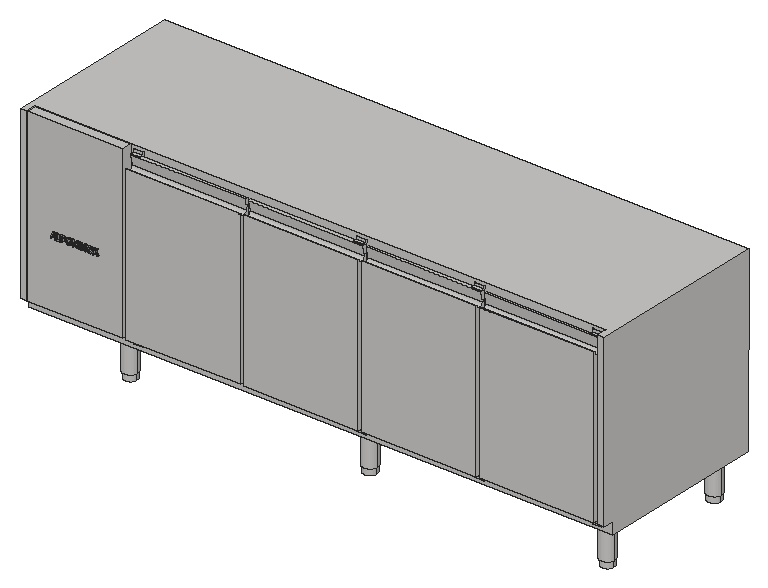
Revit family "QF_ALPENINOX_712060_AH4H7AAAA", category Specialty Equipment, Revit 2018 (continued)
Definition of nested family "ALP_Cooling Unit"
  Lines and regions (mm)
    Split face 131
      outline origin (55.016, 2, -293.144) x (0, 0, 1) y (-1, 0, 0)
        loop
          arc (510.649, 158.547) -> (506.648, 162.548) -> (502.647, 158.547) r 4.001
          line (502.647, 158.547) -> (502.647, 116.535)
          arc (502.647, 116.535) -> (506.648, 112.533) -> (510.649, 116.535) r 4.001
          line (510.649, 116.535) -> (510.649, 158.547)
    Split face 132
      outline origin (110.032, 2, -113.091) x (0, 0, 1) y (-1, 0, 0)
        loop
          arc (510.649, 158.547) -> (506.648, 162.548) -> (502.647, 158.547) r 4.001
          line (502.647, 158.547) -> (502.647, 116.535)
          arc (502.647, 116.535) -> (506.648, 112.533) -> (510.649, 116.535) r 4.001
          line (510.649, 116.535) -> (510.649, 158.547)
    Split face 133
      outline origin (110.032, 2, -125.094) x (0, 0, 1) y (-1, 0, 0)
        loop
          arc (510.649, 158.547) -> (506.648, 162.548) -> (502.647, 158.547) r 4.001
          line (502.647, 158.547) -> (502.647, 116.535)
          arc (502.647, 116.535) -> (506.648, 112.533) -> (510.649, 116.535) r 4.001
          line (510.649, 116.535) -> (510.649, 158.547)
    Split face 134
      outline origin (110.032, 2, -137.098) x (0, 0, 1) y (-1, 0, 0)
        loop
          arc (510.649, 158.547) -> (506.648, 162.548) -> (502.647, 158.547) r 4.001
          line (502.647, 158.547) -> (502.647, 116.535)
          arc (502.647, 116.535) -> (506.648, 112.533) -> (510.649, 116.535) r 4.001
          line (510.649, 116.535) -> (510.649, 158.547)
    Split face 135
      outline origin (110.032, 2, -149.101) x (0, 0, 1) y (-1, 0, 0)
        loop
          arc (510.649, 158.547) -> (506.648, 162.548) -> (502.647, 158.547) r 4.001
          line (502.647, 158.547) -> (502.647, 116.535)
          arc (502.647, 116.535) -> (506.648, 112.533) -> (510.649, 116.535) r 4.001
          line (510.649, 116.535) -> (510.649, 158.547)
    Split face 136
      outline origin (110.032, 2, -161.105) x (0, 0, 1) y (-1, 0, 0)
        loop
          arc (510.649, 158.547) -> (506.648, 162.548) -> (502.647, 158.547) r 4.001
          line (502.647, 158.547) -> (502.647, 116.535)
          arc (502.647, 116.535) -> (506.648, 112.533) -> (510.649, 116.535) r 4.001
          line (510.649, 116.535) -> (510.649, 158.547)
    Split face 137
      outline origin (110.032, 2, -173.108) x (0, 0, 1) y (-1, 0, 0)
        loop
          arc (510.649, 158.547) -> (506.648, 162.548) -> (502.647, 158.547) r 4.001
          line (502.647, 158.547) -> (502.647, 116.535)
          arc (502.647, 116.535) -> (506.648, 112.533) -> (510.649, 116.535) r 4.001
          line (510.649, 116.535) -> (510.649, 158.547)
    Split face 138
      outline origin (110.032, 2, -185.112) x (0, 0, 1) y (-1, 0, 0)
        loop
          arc (510.649, 158.547) -> (506.648, 162.548) -> (502.647, 158.547) r 4.001
          line (502.647, 158.547) -> (502.647, 116.535)
          arc (502.647, 116.535) -> (506.648, 112.533) -> (510.649, 116.535) r 4.001
          line (510.649, 116.535) -> (510.649, 158.547)
    Split face 139
      outline origin (110.032, 2, -197.115) x (0, 0, 1) y (-1, 0, 0)
        loop
          arc (510.649, 158.547) -> (506.648, 162.548) -> (502.647, 158.547) r 4.001
          line (502.647, 158.547) -> (502.647, 116.535)
          arc (502.647, 116.535) -> (506.648, 112.533) -> (510.649, 116.535) r 4.001
          line (510.649, 116.535) -> (510.649, 158.547)
    Split face 140
      outline origin (110.032, 2, -209.119) x (0, 0, 1) y (-1, 0, 0)
        loop
          arc (510.649, 158.547) -> (506.648, 162.548) -> (502.647, 158.547) r 4.001
          line (502.647, 158.547) -> (502.647, 116.535)
          arc (502.647, 116.535) -> (506.648, 112.533) -> (510.649, 116.535) r 4.001
          line (510.649, 116.535) -> (510.649, 158.547)
    Split face 141
      outline origin (110.032, 2, -221.122) x (0, 0, 1) y (-1, 0, 0)
        loop
          arc (510.649, 158.547) -> (506.648, 162.548) -> (502.647, 158.547) r 4.001
          line (502.647, 158.547) -> (502.647, 116.535)
          arc (502.647, 116.535) -> (506.648, 112.533) -> (510.649, 116.535) r 4.001
          line (510.649, 116.535) -> (510.649, 158.547)
    Split face 142
      outline origin (110.032, 2, -233.126) x (0, 0, 1) y (-1, 0, 0)
        loop
          arc (510.649, 158.547) -> (506.648, 162.548) -> (502.647, 158.547) r 4.001
          line (502.647, 158.547) -> (502.647, 116.535)
          arc (502.647, 116.535) -> (506.648, 112.533) -> (510.649, 116.535) r 4.001
          line (510.649, 116.535) -> (510.649, 158.547)
    Split face 143
      outline origin (110.032, 2, -245.129) x (0, 0, 1) y (-1, 0, 0)
        loop
          arc (510.649, 158.547) -> (506.648, 162.548) -> (502.647, 158.547) r 4.001
          line (502.647, 158.547) -> (502.647, 116.535)
          arc (502.647, 116.535) -> (506.648, 112.533) -> (510.649, 116.535) r 4.001
          line (510.649, 116.535) -> (510.649, 158.547)
    Split face 144
      outline origin (110.032, 2, -257.133) x (0, 0, 1) y (-1, 0, 0)
        loop
          arc (510.649, 158.547) -> (506.648, 162.548) -> (502.647, 158.547) r 4.001
          line (502.647, 158.547) -> (502.647, 116.535)
          arc (502.647, 116.535) -> (506.648, 112.533) -> (510.649, 116.535) r 4.001
          line (510.649, 116.535) -> (510.649, 158.547)
    Split face 145
      outline origin (110.032, 2, -269.136) x (0, 0, 1) y (-1, 0, 0)
        loop
          arc (510.649, 158.547) -> (506.648, 162.548) -> (502.647, 158.547) r 4.001
          line (502.647, 158.547) -> (502.647, 116.535)
          arc (502.647, 116.535) -> (506.648, 112.533) -> (510.649, 116.535) r 4.001
          line (510.649, 116.535) -> (510.649, 158.547)
    Split face 146
      outline origin (110.032, 2, -281.14) x (0, 0, 1) y (-1, 0, 0)
        loop
          arc (510.649, 158.547) -> (506.648, 162.548) -> (502.647, 158.547) r 4.001
          line (502.647, 158.547) -> (502.647, 116.535)
          arc (502.647, 116.535) -> (506.648, 112.533) -> (510.649, 116.535) r 4.001
          line (510.649, 116.535) -> (510.649, 158.547)
    Split face 147
      outline origin (110.032, 2, -293.144) x (0, 0, 1) y (-1, 0, 0)
        loop
          arc (510.649, 158.547) -> (506.648, 162.548) -> (502.647, 158.547) r 4.001
          line (502.647, 158.547) -> (502.647, 116.535)
          arc (502.647, 116.535) -> (506.648, 112.533) -> (510.649, 116.535) r 4.001
          line (510.649, 116.535) -> (510.649, 158.547)
    Split face 148
      outline origin (165.048, 2, -113.091) x (0, 0, 1) y (-1, 0, 0)
        loop
          arc (510.649, 158.547) -> (506.648, 162.548) -> (502.647, 158.547) r 4.001
          line (502.647, 158.547) -> (502.647, 116.535)
          arc (502.647, 116.535) -> (506.648, 112.533) -> (510.649, 116.535) r 4.001
          line (510.649, 116.535) -> (510.649, 158.547)
    Split face 149
      outline origin (165.048, 2, -125.094) x (0, 0, 1) y (-1, 0, 0)
        loop
          arc (510.649, 158.547) -> (506.648, 162.548) -> (502.647, 158.547) r 4.001
          line (502.647, 158.547) -> (502.647, 116.535)
          arc (502.647, 116.535) -> (506.648, 112.533) -> (510.649, 116.535) r 4.001
          line (510.649, 116.535) -> (510.649, 158.547)
    Split face 150
      outline origin (165.048, 2, -137.098) x (0, 0, 1) y (-1, 0, 0)
        loop
          arc (510.649, 158.547) -> (506.648, 162.548) -> (502.647, 158.547) r 4.001
          line (502.647, 158.547) -> (502.647, 116.535)
          arc (502.647, 116.535) -> (506.648, 112.533) -> (510.649, 116.535) r 4.001
          line (510.649, 116.535) -> (510.649, 158.547)
    Split face 151
      outline origin (165.048, 2, -149.101) x (0, 0, 1) y (-1, 0, 0)
        loop
          arc (510.649, 158.547) -> (506.648, 162.548) -> (502.647, 158.547) r 4.001
          line (502.647, 158.547) -> (502.647, 116.535)
          arc (502.647, 116.535) -> (506.648, 112.533) -> (510.649, 116.535) r 4.001
          line (510.649, 116.535) -> (510.649, 158.547)
    Split face 152
      outline origin (165.048, 2, -161.105) x (0, 0, 1) y (-1, 0, 0)
        loop
          arc (510.649, 158.547) -> (506.648, 162.548) -> (502.647, 158.547) r 4.001
          line (502.647, 158.547) -> (502.647, 116.535)
          arc (502.647, 116.535) -> (506.648, 112.533) -> (510.649, 116.535) r 4.001
          line (510.649, 116.535) -> (510.649, 158.547)
    Split face 153
      outline origin (165.048, 2, -173.108) x (0, 0, 1) y (-1, 0, 0)
        loop
          arc (510.649, 158.547) -> (506.648, 162.548) -> (502.647, 158.547) r 4.001
          line (502.647, 158.547) -> (502.647, 116.535)
          arc (502.647, 116.535) -> (506.648, 112.533) -> (510.649, 116.535) r 4.001
          line (510.649, 116.535) -> (510.649, 158.547)
    Split face 154
      outline origin (165.048, 2, -185.112) x (0, 0, 1) y (-1, 0, 0)
        loop
          arc (510.649, 158.547) -> (506.648, 162.548) -> (502.647, 158.547) r 4.001
          line (502.647, 158.547) -> (502.647, 116.535)
          arc (502.647, 116.535) -> (506.648, 112.533) -> (510.649, 116.535) r 4.001
          line (510.649, 116.535) -> (510.649, 158.547)
    Split face 155
      outline origin (165.048, 2, -197.115) x (0, 0, 1) y (-1, 0, 0)
        loop
          arc (510.649, 158.547) -> (506.648, 162.548) -> (502.647, 158.547) r 4.001
          line (502.647, 158.547) -> (502.647, 116.535)
          arc (502.647, 116.535) -> (506.648, 112.533) -> (510.649, 116.535) r 4.001
          line (510.649, 116.535) -> (510.649, 158.547)
    Split face 156
      outline origin (165.048, 2, -209.119) x (0, 0, 1) y (-1, 0, 0)
        loop
          arc (510.649, 158.547) -> (506.648, 162.548) -> (502.647, 158.547) r 4.001
          line (502.647, 158.547) -> (502.647, 116.535)
          arc (502.647, 116.535) -> (506.648, 112.533) -> (510.649, 116.535) r 4.001
          line (510.649, 116.535) -> (510.649, 158.547)
    Split face 157
      outline origin (165.048, 2, -221.122) x (0, 0, 1) y (-1, 0, 0)
        loop
          arc (510.649, 158.547) -> (506.648, 162.548) -> (502.647, 158.547) r 4.001
          line (502.647, 158.547) -> (502.647, 116.535)
          arc (502.647, 116.535) -> (506.648, 112.533) -> (510.649, 116.535) r 4.001
          line (510.649, 116.535) -> (510.649, 158.547)
    Split face 158
      outline origin (165.048, 2, -233.126) x (0, 0, 1) y (-1, 0, 0)
        loop
          arc (510.649, 158.547) -> (506.648, 162.548) -> (502.647, 158.547) r 4.001
          line (502.647, 158.547) -> (502.647, 116.535)
          arc (502.647, 116.535) -> (506.648, 112.533) -> (510.649, 116.535) r 4.001
          line (510.649, 116.535) -> (510.649, 158.547)
    Split face 159
      outline origin (165.048, 2, -245.129) x (0, 0, 1) y (-1, 0, 0)
        loop
          arc (510.649, 158.547) -> (506.648, 162.548) -> (502.647, 158.547) r 4.001
          line (502.647, 158.547) -> (502.647, 116.535)
          arc (502.647, 116.535) -> (506.648, 112.533) -> (510.649, 116.535) r 4.001
          line (510.649, 116.535) -> (510.649, 158.547)
    Split face 160
      outline origin (165.048, 2, -257.133) x (0, 0, 1) y (-1, 0, 0)
        loop
          arc (510.649, 158.547) -> (506.648, 162.548) -> (502.647, 158.547) r 4.001
          line (502.647, 158.547) -> (502.647, 116.535)
          arc (502.647, 116.535) -> (506.648, 112.533) -> (510.649, 116.535) r 4.001
          line (510.649, 116.535) -> (510.649, 158.547)
    Split face 161
      outline origin (165.048, 2, -269.136) x (0, 0, 1) y (-1, 0, 0)
        loop
          arc (510.649, 158.547) -> (506.648, 162.548) -> (502.647, 158.547) r 4.001
          line (502.647, 158.547) -> (502.647, 116.535)
          arc (502.647, 116.535) -> (506.648, 112.533) -> (510.649, 116.535) r 4.001
          line (510.649, 116.535) -> (510.649, 158.547)
    Split face 162
      outline origin (165.048, 2, -281.14) x (0, 0, 1) y (-1, 0, 0)
        loop
          arc (510.649, 158.547) -> (506.648, 162.548) -> (502.647, 158.547) r 4.001
          line (502.647, 158.547) -> (502.647, 116.535)
          arc (502.647, 116.535) -> (506.648, 112.533) -> (510.649, 116.535) r 4.001
          line (510.649, 116.535) -> (510.649, 158.547)
    Split face 163
      outline origin (165.048, 2, -293.144) x (0, 0, 1) y (-1, 0, 0)
        loop
          arc (510.649, 158.547) -> (506.648, 162.548) -> (502.647, 158.547) r 4.001
          line (502.647, 158.547) -> (502.647, 116.535)
          arc (502.647, 116.535) -> (506.648, 112.533) -> (510.649, 116.535) r 4.001
          line (510.649, 116.535) -> (510.649, 158.547)
    Split face 164
      outline origin (220.064, 2, -113.091) x (0, 0, 1) y (-1, 0, 0)
        loop
          arc (510.649, 158.547) -> (506.648, 162.548) -> (502.647, 158.547) r 4.001
          line (502.647, 158.547) -> (502.647, 116.535)
          arc (502.647, 116.535) -> (506.648, 112.533) -> (510.649, 116.535) r 4.001
          line (510.649, 116.535) -> (510.649, 158.547)
    Split face 165
      outline origin (220.064, 2, -125.094) x (0, 0, 1) y (-1, 0, 0)
        loop
          arc (510.649, 158.547) -> (506.648, 162.548) -> (502.647, 158.547) r 4.001
          line (502.647, 158.547) -> (502.647, 116.535)
          arc (502.647, 116.535) -> (506.648, 112.533) -> (510.649, 116.535) r 4.001
          line (510.649, 116.535) -> (510.649, 158.547)
    Split face 166
      outline origin (220.064, 2, -137.098) x (0, 0, 1) y (-1, 0, 0)
        loop
          arc (510.649, 158.547) -> (506.648, 162.548) -> (502.647, 158.547) r 4.001
          line (502.647, 158.547) -> (502.647, 116.535)
          arc (502.647, 116.535) -> (506.648, 112.533) -> (510.649, 116.535) r 4.001
          line (510.649, 116.535) -> (510.649, 158.547)
    Split face 167
      outline origin (220.064, 2, -149.101) x (0, 0, 1) y (-1, 0, 0)
        loop
          arc (510.649, 158.547) -> (506.648, 162.548) -> (502.647, 158.547) r 4.001
          line (502.647, 158.547) -> (502.647, 116.535)
          arc (502.647, 116.535) -> (506.648, 112.533) -> (510.649, 116.535) r 4.001
          line (510.649, 116.535) -> (510.649, 158.547)
    Split face 168
      outline origin (220.064, 2, -161.105) x (0, 0, 1) y (-1, 0, 0)
        loop
          arc (510.649, 158.547) -> (506.648, 162.548) -> (502.647, 158.547) r 4.001
          line (502.647, 158.547) -> (502.647, 116.535)
          arc (502.647, 116.535) -> (506.648, 112.533) -> (510.649, 116.535) r 4.001
          line (510.649, 116.535) -> (510.649, 158.547)
    Split face 169
      outline origin (220.064, 2, -173.108) x (0, 0, 1) y (-1, 0, 0)
        loop
          arc (510.649, 158.547) -> (506.648, 162.548) -> (502.647, 158.547) r 4.001
          line (502.647, 158.547) -> (502.647, 116.535)
          arc (502.647, 116.535) -> (506.648, 112.533) -> (510.649, 116.535) r 4.001
          line (510.649, 116.535) -> (510.649, 158.547)
    Split face 170
      outline origin (220.064, 2, -185.112) x (0, 0, 1) y (-1, 0, 0)
        loop
          arc (510.649, 158.547) -> (506.648, 162.548) -> (502.647, 158.547) r 4.001
          line (502.647, 158.547) -> (502.647, 116.535)
          arc (502.647, 116.535) -> (506.648, 112.533) -> (510.649, 116.535) r 4.001
          line (510.649, 116.535) -> (510.649, 158.547)
    Split face 171
      outline origin (220.064, 2, -197.115) x (0, 0, 1) y (-1, 0, 0)
        loop
          arc (510.649, 158.547) -> (506.648, 162.548) -> (502.647, 158.547) r 4.001
          line (502.647, 158.547) -> (502.647, 116.535)
          arc (502.647, 116.535) -> (506.648, 112.533) -> (510.649, 116.535) r 4.001
          line (510.649, 116.535) -> (510.649, 158.547)
    Split face 172
      outline origin (220.064, 2, -209.119) x (0, 0, 1) y (-1, 0, 0)
        loop
          arc (510.649, 158.547) -> (506.648, 162.548) -> (502.647, 158.547) r 4.001
          line (502.647, 158.547) -> (502.647, 116.535)
          arc (502.647, 116.535) -> (506.648, 112.533) -> (510.649, 116.535) r 4.001
          line (510.649, 116.535) -> (510.649, 158.547)
    Split face 173
      outline origin (220.064, 2, -221.122) x (0, 0, 1) y (-1, 0, 0)
        loop
          arc (510.649, 158.547) -> (506.648, 162.548) -> (502.647, 158.547) r 4.001
          line (502.647, 158.547) -> (502.647, 116.535)
          arc (502.647, 116.535) -> (506.648, 112.533) -> (510.649, 116.535) r 4.001
          line (510.649, 116.535) -> (510.649, 158.547)
    Split face 174
      outline origin (220.064, 2, -233.126) x (0, 0, 1) y (-1, 0, 0)
        loop
          arc (510.649, 158.547) -> (506.648, 162.548) -> (502.647, 158.547) r 4.001
          line (502.647, 158.547) -> (502.647, 116.535)
          arc (502.647, 116.535) -> (506.648, 112.533) -> (510.649, 116.535) r 4.001
          line (510.649, 116.535) -> (510.649, 158.547)
    Split face 175
      outline origin (220.064, 2, -245.129) x (0, 0, 1) y (-1, 0, 0)
        loop
          arc (510.649, 158.547) -> (506.648, 162.548) -> (502.647, 158.547) r 4.001
          line (502.647, 158.547) -> (502.647, 116.535)
          arc (502.647, 116.535) -> (506.648, 112.533) -> (510.649, 116.535) r 4.001
          line (510.649, 116.535) -> (510.649, 158.547)
    Split face 176
      outline origin (220.064, 2, -257.133) x (0, 0, 1) y (-1, 0, 0)
        loop
          arc (510.649, 158.547) -> (506.648, 162.548) -> (502.647, 158.547) r 4.001
          line (502.647, 158.547) -> (502.647, 116.535)
          arc (502.647, 116.535) -> (506.648, 112.533) -> (510.649, 116.535) r 4.001
          line (510.649, 116.535) -> (510.649, 158.547)
    Split face 177
      outline origin (220.064, 2, -269.136) x (0, 0, 1) y (-1, 0, 0)
        loop
          arc (510.649, 158.547) -> (506.648, 162.548) -> (502.647, 158.547) r 4.001
          line (502.647, 158.547) -> (502.647, 116.535)
          arc (502.647, 116.535) -> (506.648, 112.533) -> (510.649, 116.535) r 4.001
          line (510.649, 116.535) -> (510.649, 158.547)
    Split face 178
      outline origin (220.064, 2, -281.14) x (0, 0, 1) y (-1, 0, 0)
        loop
          arc (510.649, 158.547) -> (506.648, 162.548) -> (502.647, 158.547) r 4.001
          line (502.647, 158.547) -> (502.647, 116.535)
          arc (502.647, 116.535) -> (506.648, 112.533) -> (510.649, 116.535) r 4.001
          line (510.649, 116.535) -> (510.649, 158.547)
    Split face 179
      outline origin (220.064, 2, -293.144) x (0, 0, 1) y (-1, 0, 0)
        loop
          arc (510.649, 158.547) -> (506.648, 162.548) -> (502.647, 158.547) r 4.001
          line (502.647, 158.547) -> (502.647, 116.535)
          arc (502.647, 116.535) -> (506.648, 112.533) -> (510.649, 116.535) r 4.001
          line (510.649, 116.535) -> (510.649, 158.547)
    Split face 180
      outline origin (275.081, 2, -113.091) x (0, 0, 1) y (-1, 0, 0)
        loop
          arc (510.649, 158.547) -> (506.648, 162.548) -> (502.647, 158.547) r 4.001
          line (502.647, 158.547) -> (502.647, 116.535)
          arc (502.647, 116.535) -> (506.648, 112.533) -> (510.649, 116.535) r 4.001
          line (510.649, 116.535) -> (510.649, 158.547)
    Split face 181
      outline origin (275.081, 2, -125.094) x (0, 0, 1) y (-1, 0, 0)
        loop
          arc (510.649, 158.547) -> (506.648, 162.548) -> (502.647, 158.547) r 4.001
          line (502.647, 158.547) -> (502.647, 116.535)
          arc (502.647, 116.535) -> (506.648, 112.533) -> (510.649, 116.535) r 4.001
          line (510.649, 116.535) -> (510.649, 158.547)
    Split face 182
      outline origin (275.081, 2, -137.098) x (0, 0, 1) y (-1, 0, 0)
        loop
          arc (510.649, 158.547) -> (506.648, 162.548) -> (502.647, 158.547) r 4.001
          line (502.647, 158.547) -> (502.647, 116.535)
          arc (502.647, 116.535) -> (506.648, 112.533) -> (510.649, 116.535) r 4.001
          line (510.649, 116.535) -> (510.649, 158.547)
    Split face 183
      outline origin (275.081, 2, -149.101) x (0, 0, 1) y (-1, 0, 0)
        loop
          arc (510.649, 158.547) -> (506.648, 162.548) -> (502.647, 158.547) r 4.001
          line (502.647, 158.547) -> (502.647, 116.535)
          arc (502.647, 116.535) -> (506.648, 112.533) -> (510.649, 116.535) r 4.001
          line (510.649, 116.535) -> (510.649, 158.547)
    Split face 184
      outline origin (275.081, 2, -161.105) x (0, 0, 1) y (-1, 0, 0)
        loop
          arc (510.649, 158.547) -> (506.648, 162.548) -> (502.647, 158.547) r 4.001
          line (502.647, 158.547) -> (502.647, 116.535)
          arc (502.647, 116.535) -> (506.648, 112.533) -> (510.649, 116.535) r 4.001
          line (510.649, 116.535) -> (510.649, 158.547)
    Split face 185
      outline origin (275.081, 2, -173.108) x (0, 0, 1) y (-1, 0, 0)
        loop
          arc (510.649, 158.547) -> (506.648, 162.548) -> (502.647, 158.547) r 4.001
          line (502.647, 158.547) -> (502.647, 116.535)
          arc (502.647, 116.535) -> (506.648, 112.533) -> (510.649, 116.535) r 4.001
          line (510.649, 116.535) -> (510.649, 158.547)
    Split face 186
      outline origin (275.081, 2, -185.112) x (0, 0, 1) y (-1, 0, 0)
        loop
          arc (510.649, 158.547) -> (506.648, 162.548) -> (502.647, 158.547) r 4.001
          line (502.647, 158.547) -> (502.647, 116.535)
          arc (502.647, 116.535) -> (506.648, 112.533) -> (510.649, 116.535) r 4.001
          line (510.649, 116.535) -> (510.649, 158.547)
    Split face 187
      outline origin (275.081, 2, -197.115) x (0, 0, 1) y (-1, 0, 0)
        loop
          arc (510.649, 158.547) -> (506.648, 162.548) -> (502.647, 158.547) r 4.001
          line (502.647, 158.547) -> (502.647, 116.535)
          arc (502.647, 116.535) -> (506.648, 112.533) -> (510.649, 116.535) r 4.001
          line (510.649, 116.535) -> (510.649, 158.547)
    Split face 188
      outline origin (275.081, 2, -209.119) x (0, 0, 1) y (-1, 0, 0)
        loop
          arc (510.649, 158.547) -> (506.648, 162.548) -> (502.647, 158.547) r 4.001
          line (502.647, 158.547) -> (502.647, 116.535)
          arc (502.647, 116.535) -> (506.648, 112.533) -> (510.649, 116.535) r 4.001
          line (510.649, 116.535) -> (510.649, 158.547)
    Split face 189
      outline origin (275.081, 2, -221.122) x (0, 0, 1) y (-1, 0, 0)
        loop
          arc (510.649, 158.547) -> (506.648, 162.548) -> (502.647, 158.547) r 4.001
          line (502.647, 158.547) -> (502.647, 116.535)
          arc (502.647, 116.535) -> (506.648, 112.533) -> (510.649, 116.535) r 4.001
          line (510.649, 116.535) -> (510.649, 158.547)
    Split face 190
      outline origin (275.081, 2, -233.126) x (0, 0, 1) y (-1, 0, 0)
        loop
          arc (510.649, 158.547) -> (506.648, 162.548) -> (502.647, 158.547) r 4.001
          line (502.647, 158.547) -> (502.647, 116.535)
          arc (502.647, 116.535) -> (506.648, 112.533) -> (510.649, 116.535) r 4.001
          line (510.649, 116.535) -> (510.649, 158.547)
    Split face 191
      outline origin (275.081, 2, -245.129) x (0, 0, 1) y (-1, 0, 0)
        loop
          arc (510.649, 158.547) -> (506.648, 162.548) -> (502.647, 158.547) r 4.001
          line (502.647, 158.547) -> (502.647, 116.535)
          arc (502.647, 116.535) -> (506.648, 112.533) -> (510.649, 116.535) r 4.001
          line (510.649, 116.535) -> (510.649, 158.547)
    Split face 192
      outline origin (275.081, 2, -257.133) x (0, 0, 1) y (-1, 0, 0)
        loop
          arc (510.649, 158.547) -> (506.648, 162.548) -> (502.647, 158.547) r 4.001
          line (502.647, 158.547) -> (502.647, 116.535)
          arc (502.647, 116.535) -> (506.648, 112.533) -> (510.649, 116.535) r 4.001
          line (510.649, 116.535) -> (510.649, 158.547)
    Split face 193
      outline origin (275.081, 2, -269.136) x (0, 0, 1) y (-1, 0, 0)
        loop
          arc (510.649, 158.547) -> (506.648, 162.548) -> (502.647, 158.547) r 4.001
          line (502.647, 158.547) -> (502.647, 116.535)
          arc (502.647, 116.535) -> (506.648, 112.533) -> (510.649, 116.535) r 4.001
          line (510.649, 116.535) -> (510.649, 158.547)
    Split face 194
      outline origin (275.081, 2, -281.14) x (0, 0, 1) y (-1, 0, 0)
        loop
          arc (510.649, 158.547) -> (506.648, 162.548) -> (502.647, 158.547) r 4.001
          line (502.647, 158.547) -> (502.647, 116.535)
          arc (502.647, 116.535) -> (506.648, 112.533) -> (510.649, 116.535) r 4.001
          line (510.649, 116.535) -> (510.649, 158.547)
    Split face 195
      outline origin (275.081, 2, -293.144) x (0, 0, 1) y (-1, 0, 0)
        loop
          arc (510.649, 158.547) -> (506.648, 162.548) -> (502.647, 158.547) r 4.001
          line (502.647, 158.547) -> (502.647, 116.535)
          arc (502.647, 116.535) -> (506.648, 112.533) -> (510.649, 116.535) r 4.001
          line (510.649, 116.535) -> (510.649, 158.547)
  Dimensions and locks
    aligned and locked: level to plane 2
  Nested families
    nested 1: "ALP_Logo_S" at (0, 2, 458.586) x (1, 0, 0) z (0, -1, 0), visible <- "Show Logo", type "ALP_Logo_S"
  Definition of nested family "ALP_Logo_S"
    Parameters
      Default Elevation = 0 mm
    Reference planes
      plane 1 "Centro (Fronte/Retro)": y = 0
      plane 2: z = 0
      plane 3 "Centro (Sinistra/Destra)": x = 0
    Forms (mm)
      Extrusion 1, solid
        sketch origin (0, 0, 0) x (1, 0, 0) y (0, 1, 0)
          loop
            line (-1219.2, 1219.2) -> (-1219.2, -1219.2) -> (1219.2, -1219.2) -> (1219.2, 1219.2) -> (-1219.2, 1219.2)
        from 0 to -304.8
      Extrusion 2, solid
        sketch origin (17.793, -46.218, 0) x (-1, 0, 0) y (0, -1, 0)
          loop
            line (109.007, -37.469) -> (109.244, -36.361)
            spline (109.244, -36.361) -> (109.221, -36.03) -> (109.153, -35.716) -> (109.043, -35.42) -> (108.895, -35.146) -> (108.713, -34.896) -> (108.498, -34.671) -> (108.255, -34.475) -> (107.987, -34.309) -> (107.697, -34.176) -> (107.388, -34.078) -> (107.064, -34.017) -> (106.728, -33.997)
            spline (106.728, -33.997) -> (106.393, -34.012) -> (106.085, -34.057) -> (105.803, -34.129) -> (105.547, -34.228) -> (105.315, -34.352) -> (105.105, -34.499) -> (104.918, -34.668) -> (104.752, -34.858) -> (104.605, -35.066) -> (104.478, -35.291) -> (104.368, -35.532) -> (104.275, -35.787)
            line (104.275, -35.787) -> (103.256, -38.92) -> (93.799, -38.92) -> (92.773, -35.75)
            spline (92.773, -35.75) -> (92.68, -35.504) -> (92.57, -35.27) -> (92.443, -35.05) -> (92.296, -34.847) -> (92.129, -34.661) -> (91.941, -34.495) -> (91.729, -34.35) -> (91.494, -34.227) -> (91.234, -34.129) -> (90.948, -34.056) -> (90.634, -34.012) -> (90.292, -33.997)
            spline (90.292, -33.997) -> (89.98, -34.015) -> (89.679, -34.07) -> (89.392, -34.16) -> (89.122, -34.282) -> (88.871, -34.436) -> (88.644, -34.618) -> (88.442, -34.828) -> (88.271, -35.063) -> (88.132, -35.322) -> (88.028, -35.604) -> (87.964, -35.905) -> (87.942, -36.225)
            line (87.942, -36.225) -> (88.215, -37.469) -> (94.885, -55.826)
            spline (94.885, -55.826) -> (95.044, -56.22) -> (95.23, -56.593) -> (95.444, -56.943) -> (95.685, -57.268) -> (95.953, -57.564) -> (96.246, -57.829) -> (96.565, -58.06) -> (96.909, -58.255) -> (97.278, -58.412) -> (97.672, -58.527) -> (98.088, -58.597) -> (98.529, -58.622)
            spline (98.529, -58.622) -> (98.953, -58.596) -> (99.359, -58.522) -> (99.746, -58.402) -> (100.112, -58.241) -> (100.457, -58.04) -> (100.78, -57.804) -> (101.078, -57.536) -> (101.351, -57.238) -> (101.599, -56.916) -> (101.818, -56.57) -> (102.009, -56.206) -> (102.171, -55.826)
            line (102.171, -55.826) -> (109.007, -37.469)
          loop
            line (101.794, -43.576) -> (95.326, -43.576) -> (98.522, -53.458) -> (101.794, -43.576)
          loop
            spline (85.755, -36.964) -> (85.735, -36.556) -> (85.675, -36.175) -> (85.576, -35.822) -> (85.439, -35.499) -> (85.266, -35.208) -> (85.056, -34.95) -> (84.812, -34.727) -> (84.534, -34.541) -> (84.223, -34.394) -> (83.881, -34.286) -> (83.507, -34.22) -> (83.104, -34.198)
            line (83.104, -34.198) -> (74.598, -34.198)
            spline (74.598, -34.198) -> (74.236, -34.221) -> (73.9, -34.286) -> (73.592, -34.39) -> (73.311, -34.528) -> (73.058, -34.698) -> (72.835, -34.895) -> (72.641, -35.114) -> (72.478, -35.354) -> (72.347, -35.608) -> (72.247, -35.874) -> (72.181, -36.148) -> (72.148, -36.426)
            spline (72.148, -36.426) -> (72.156, -36.715) -> (72.197, -37.004) -> (72.272, -37.289) -> (72.382, -37.565) -> (72.528, -37.827) -> (72.709, -38.07) -> (72.927, -38.288) -> (73.183, -38.478) -> (73.478, -38.635) -> (73.811, -38.752) -> (74.184, -38.827) -> (74.598, -38.852)
            line (74.598, -38.852) -> (80.653, -38.852) -> (80.653, -55.789)
            spline (80.653, -55.789) -> (80.675, -56.195) -> (80.741, -56.569) -> (80.846, -56.912) -> (80.99, -57.221) -> (81.169, -57.497) -> (81.381, -57.738) -> (81.624, -57.944) -> (81.894, -58.114) -> (82.191, -58.247) -> (82.51, -58.343) -> (82.85, -58.402) -> (83.208, -58.421)
            spline (83.208, -58.421) -> (83.565, -58.402) -> (83.904, -58.343) -> (84.222, -58.247) -> (84.517, -58.114) -> (84.787, -57.944) -> (85.029, -57.738) -> (85.241, -57.497) -> (85.419, -57.221) -> (85.563, -56.912) -> (85.668, -56.569) -> (85.733, -56.195) -> (85.755, -55.789)
            line (85.755, -55.789) -> (85.755, -36.964)
          loop
            spline (69.963, -36.629) -> (69.941, -36.222) -> (69.876, -35.847) -> (69.77, -35.505) -> (69.627, -35.196) -> (69.448, -34.921) -> (69.236, -34.68) -> (68.993, -34.474) -> (68.723, -34.305) -> (68.427, -34.171) -> (68.108, -34.075) -> (67.769, -34.017) -> (67.412, -33.998)
            spline (67.412, -33.998) -> (67.055, -34.017) -> (66.716, -34.075) -> (66.397, -34.171) -> (66.101, -34.305) -> (65.832, -34.474) -> (65.59, -34.68) -> (65.378, -34.921) -> (65.2, -35.196) -> (65.057, -35.505) -> (64.951, -35.847) -> (64.886, -36.222) -> (64.864, -36.629)
            line (64.864, -36.629) -> (64.864, -42.161) -> (61.085, -42.161)
            spline (61.085, -42.161) -> (59.938, -42.224) -> (58.836, -42.411) -> (57.789, -42.717) -> (56.807, -43.139) -> (55.902, -43.671) -> (55.083, -44.311) -> (54.361, -45.053) -> (53.747, -45.894) -> (53.251, -46.829) -> (52.884, -47.854) -> (52.656, -48.965) -> (52.577, -50.158)
            spline (52.577, -50.158) -> (52.653, -51.33) -> (52.875, -52.429) -> (53.235, -53.452) -> (53.724, -54.391) -> (54.334, -55.241) -> (55.057, -55.997) -> (55.884, -56.652) -> (56.807, -57.201) -> (57.817, -57.638) -> (58.906, -57.957) -> (60.067, -58.153) -> (61.289, -58.22)
            line (61.289, -58.22) -> (67.306, -58.22)
            spline (67.306, -58.22) -> (67.716, -58.198) -> (68.095, -58.135) -> (68.44, -58.031) -> (68.752, -57.889) -> (69.031, -57.711) -> (69.274, -57.498) -> (69.482, -57.251) -> (69.653, -56.974) -> (69.788, -56.667) -> (69.885, -56.332) -> (69.944, -55.972) -> (69.963, -55.587)
            line (69.963, -55.587) -> (69.963, -36.629)
          loop
            line (64.864, -53.764) -> (64.864, -46.61) -> (61.384, -46.61)
            spline (61.384, -46.61) -> (60.866, -46.642) -> (60.382, -46.735) -> (59.935, -46.885) -> (59.526, -47.089) -> (59.158, -47.342) -> (58.832, -47.641) -> (58.551, -47.983) -> (58.317, -48.362) -> (58.131, -48.777) -> (57.995, -49.222) -> (57.913, -49.694) -> (57.885, -50.189)
            spline (57.885, -50.189) -> (57.913, -50.684) -> (57.995, -51.156) -> (58.131, -51.601) -> (58.317, -52.015) -> (58.551, -52.394) -> (58.832, -52.735) -> (59.158, -53.034) -> (59.526, -53.287) -> (59.935, -53.49) -> (60.382, -53.64) -> (60.866, -53.733) -> (61.384, -53.764)
            line (61.384, -53.764) -> (64.864, -53.764)
          loop
            spline (32.388, -43.737) -> (31.645, -43.763) -> (30.977, -43.84) -> (30.381, -43.966) -> (29.857, -44.139) -> (29.401, -44.355) -> (29.012, -44.613) -> (28.688, -44.91) -> (28.428, -45.245) -> (28.228, -45.614) -> (28.088, -46.015) -> (28.006, -46.447) -> (27.979, -46.906)
            spline (27.979, -46.906) -> (28.073, -48.241) -> (28.349, -49.591) -> (28.801, -50.931) -> (29.42, -52.236) -> (30.198, -53.481) -> (31.128, -54.642) -> (32.202, -55.693) -> (33.412, -56.608) -> (34.751, -57.364) -> (36.211, -57.935) -> (37.784, -58.296) -> (39.462, -58.422)
            spline (39.462, -58.422) -> (41.103, -58.303) -> (42.649, -57.959) -> (44.091, -57.408) -> (45.422, -56.668) -> (46.63, -55.759) -> (47.707, -54.697) -> (48.644, -53.501) -> (49.431, -52.19) -> (50.059, -50.782) -> (50.52, -49.295) -> (50.803, -47.748) -> (50.899, -46.159)
            spline (50.899, -46.159) -> (50.801, -44.451) -> (50.511, -42.83) -> (50.039, -41.308) -> (49.392, -39.896) -> (48.579, -38.607) -> (47.608, -37.451) -> (46.488, -36.441) -> (45.226, -35.588) -> (43.831, -34.905) -> (42.311, -34.402) -> (40.675, -34.091) -> (38.93, -33.985)
            spline (38.93, -33.985) -> (37.728, -34.039) -> (36.511, -34.193) -> (35.301, -34.44) -> (34.12, -34.77) -> (32.993, -35.175) -> (31.942, -35.645) -> (30.99, -36.172) -> (30.16, -36.746) -> (29.474, -37.36) -> (28.956, -38.004) -> (28.628, -38.669) -> (28.514, -39.347)
            spline (28.514, -39.347) -> (28.53, -39.685) -> (28.577, -40.017) -> (28.656, -40.338) -> (28.765, -40.643) -> (28.905, -40.928) -> (29.073, -41.19) -> (29.27, -41.423) -> (29.495, -41.623) -> (29.748, -41.787) -> (30.028, -41.91) -> (30.333, -41.987) -> (30.665, -42.014)
            spline (30.665, -42.014) -> (31.199, -41.95) -> (31.712, -41.768) -> (32.22, -41.491) -> (32.738, -41.145) -> (33.281, -40.752) -> (33.868, -40.337) -> (34.512, -39.924) -> (35.23, -39.537) -> (36.038, -39.199) -> (36.952, -38.934) -> (37.987, -38.768) -> (39.161, -38.722)
            spline (39.161, -38.722) -> (39.894, -38.774) -> (40.606, -38.897) -> (41.291, -39.091) -> (41.943, -39.354) -> (42.554, -39.684) -> (43.119, -40.08) -> (43.632, -40.54) -> (44.086, -41.061) -> (44.475, -41.643) -> (44.792, -42.285) -> (45.032, -42.983) -> (45.188, -43.737)
            line (45.188, -43.737) -> (32.388, -43.737)
          loop
            line (45.321, -48.475) -> (33.559, -48.475)
            spline (33.559, -48.475) -> (33.693, -49.163) -> (33.914, -49.841) -> (34.214, -50.497) -> (34.588, -51.123) -> (35.029, -51.71) -> (35.531, -52.248) -> (36.087, -52.729) -> (36.691, -53.143) -> (37.337, -53.481) -> (38.018, -53.734) -> (38.729, -53.893) -> (39.462, -53.948)
            spline (39.462, -53.948) -> (40.168, -53.891) -> (40.86, -53.728) -> (41.531, -53.468) -> (42.173, -53.123) -> (42.779, -52.701) -> (43.339, -52.214) -> (43.847, -51.671) -> (44.295, -51.082) -> (44.674, -50.458) -> (44.976, -49.809) -> (45.195, -49.144) -> (45.321, -48.475)
          loop
            spline (25.297, -36.629) -> (25.275, -36.222) -> (25.209, -35.847) -> (25.103, -35.505) -> (24.958, -35.196) -> (24.779, -34.92) -> (24.566, -34.679) -> (24.323, -34.474) -> (24.052, -34.304) -> (23.755, -34.17) -> (23.436, -34.074) -> (23.096, -34.016) -> (22.739, -33.997)
            spline (22.739, -33.997) -> (22.382, -34.016) -> (22.043, -34.074) -> (21.724, -34.17) -> (21.429, -34.304) -> (21.158, -34.474) -> (20.916, -34.679) -> (20.704, -34.92) -> (20.525, -35.196) -> (20.382, -35.505) -> (20.276, -35.847) -> (20.211, -36.222) -> (20.189, -36.629)
            line (20.189, -36.629) -> (20.189, -49.304) -> (9.333, -35.11) -> (7.187, -33.997)
            spline (7.187, -33.997) -> (6.83, -34.016) -> (6.49, -34.074) -> (6.172, -34.17) -> (5.876, -34.304) -> (5.606, -34.474) -> (5.363, -34.679) -> (5.151, -34.92) -> (4.972, -35.196) -> (4.829, -35.505) -> (4.723, -35.847) -> (4.658, -36.222) -> (4.636, -36.629)
            line (4.636, -36.629) -> (4.636, -55.789)
            spline (4.636, -55.789) -> (4.658, -56.195) -> (4.723, -56.569) -> (4.829, -56.912) -> (4.972, -57.221) -> (5.151, -57.497) -> (5.363, -57.738) -> (5.606, -57.944) -> (5.876, -58.114) -> (6.172, -58.247) -> (6.49, -58.343) -> (6.83, -58.402) -> (7.187, -58.421)
            spline (7.187, -58.421) -> (7.545, -58.402) -> (7.885, -58.343) -> (8.204, -58.247) -> (8.5, -58.114) -> (8.771, -57.944) -> (9.014, -57.738) -> (9.226, -57.497) -> (9.405, -57.221) -> (9.549, -56.912) -> (9.654, -56.569) -> (9.719, -56.195) -> (9.742, -55.789)
            line (9.742, -55.789) -> (9.742, -42.947) -> (20.597, -57.305) -> (22.739, -58.421)
            spline (22.739, -58.421) -> (23.096, -58.402) -> (23.436, -58.343) -> (23.755, -58.247) -> (24.052, -58.114) -> (24.323, -57.944) -> (24.566, -57.738) -> (24.779, -57.497) -> (24.958, -57.221) -> (25.103, -56.912) -> (25.209, -56.569) -> (25.275, -56.195) -> (25.297, -55.789)
            line (25.297, -55.789) -> (25.297, -36.629)
          loop
            spline (1.445, -36.629) -> (1.422, -36.222) -> (1.357, -35.847) -> (1.252, -35.505) -> (1.108, -35.196) -> (0.929, -34.92) -> (0.717, -34.679) -> (0.475, -34.474) -> (0.204, -34.304) -> (-0.092, -34.17) -> (-0.411, -34.074) -> (-0.751, -34.016) -> (-1.109, -33.997)
            spline (-1.109, -33.997) -> (-1.467, -34.016) -> (-1.807, -34.074) -> (-2.125, -34.17) -> (-2.421, -34.304) -> (-2.691, -34.474) -> (-2.933, -34.679) -> (-3.145, -34.92) -> (-3.324, -35.196) -> (-3.467, -35.505) -> (-3.572, -35.847) -> (-3.637, -36.222) -> (-3.659, -36.629)
            line (-3.659, -36.629) -> (-3.659, -55.789)
            spline (-3.659, -55.789) -> (-3.637, -56.195) -> (-3.572, -56.569) -> (-3.467, -56.912) -> (-3.324, -57.221) -> (-3.145, -57.497) -> (-2.933, -57.738) -> (-2.691, -57.944) -> (-2.421, -58.114) -> (-2.125, -58.247) -> (-1.807, -58.343) -> (-1.467, -58.402) -> (-1.109, -58.421)
            spline (-1.109, -58.421) -> (-0.751, -58.402) -> (-0.411, -58.343) -> (-0.092, -58.247) -> (0.204, -58.114) -> (0.475, -57.944) -> (0.717, -57.738) -> (0.929, -57.497) -> (1.108, -57.221) -> (1.252, -56.912) -> (1.357, -56.569) -> (1.422, -56.195) -> (1.445, -55.789)
            line (1.445, -55.789) -> (1.445, -36.629)
          loop
            spline (-6.852, -36.629) -> (-6.875, -36.222) -> (-6.94, -35.847) -> (-7.045, -35.505) -> (-7.189, -35.196) -> (-7.368, -34.92) -> (-7.58, -34.679) -> (-7.822, -34.474) -> (-8.092, -34.304) -> (-8.388, -34.17) -> (-8.706, -34.074) -> (-9.046, -34.016) -> (-9.403, -33.997)
            spline (-9.403, -33.997) -> (-9.76, -34.016) -> (-10.1, -34.074) -> (-10.42, -34.17) -> (-10.716, -34.304) -> (-10.987, -34.474) -> (-11.23, -34.679) -> (-11.442, -34.92) -> (-11.621, -35.196) -> (-11.765, -35.505) -> (-11.871, -35.847) -> (-11.936, -36.222) -> (-11.958, -36.629)
            line (-11.958, -36.629) -> (-11.958, -49.304) -> (-22.814, -35.11) -> (-24.958, -33.997)
            spline (-24.958, -33.997) -> (-25.315, -34.016) -> (-25.655, -34.074) -> (-25.974, -34.17) -> (-26.27, -34.304) -> (-26.541, -34.474) -> (-26.784, -34.679) -> (-26.996, -34.92) -> (-27.175, -35.196) -> (-27.319, -35.505) -> (-27.424, -35.847) -> (-27.49, -36.222) -> (-27.512, -36.629)
            line (-27.512, -36.629) -> (-27.512, -55.789)
            spline (-27.512, -55.789) -> (-27.49, -56.195) -> (-27.424, -56.569) -> (-27.319, -56.912) -> (-27.175, -57.221) -> (-26.996, -57.497) -> (-26.784, -57.738) -> (-26.541, -57.944) -> (-26.27, -58.114) -> (-25.974, -58.247) -> (-25.655, -58.343) -> (-25.315, -58.402) -> (-24.958, -58.421)
            spline (-24.958, -58.421) -> (-24.6, -58.402) -> (-24.26, -58.343) -> (-23.941, -58.247) -> (-23.646, -58.114) -> (-23.375, -57.944) -> (-23.133, -57.738) -> (-22.921, -57.497) -> (-22.743, -57.221) -> (-22.599, -56.912) -> (-22.494, -56.569) -> (-22.429, -56.195) -> (-22.407, -55.789)
            line (-22.407, -55.789) -> (-22.407, -42.949) -> (-11.549, -57.305) -> (-9.403, -58.421)
            spline (-9.403, -58.421) -> (-9.046, -58.402) -> (-8.706, -58.343) -> (-8.388, -58.247) -> (-8.092, -58.114) -> (-7.822, -57.944) -> (-7.58, -57.738) -> (-7.368, -57.497) -> (-7.189, -57.221) -> (-7.045, -56.912) -> (-6.94, -56.569) -> (-6.875, -56.195) -> (-6.852, -55.789)
            line (-6.852, -55.789) -> (-6.852, -36.629)
          loop
            spline (-41.905, -33.794) -> (-43.601, -33.905) -> (-45.194, -34.229) -> (-46.677, -34.752) -> (-48.04, -35.461) -> (-49.275, -36.342) -> (-50.373, -37.383) -> (-51.326, -38.569) -> (-52.125, -39.887) -> (-52.761, -41.323) -> (-53.226, -42.864) -> (-53.512, -44.497) -> (-53.609, -46.208)
            spline (-53.609, -46.208) -> (-53.509, -47.892) -> (-53.217, -49.507) -> (-52.742, -51.038) -> (-52.094, -52.472) -> (-51.284, -53.792) -> (-50.321, -54.984) -> (-49.216, -56.034) -> (-47.978, -56.926) -> (-46.618, -57.646) -> (-45.146, -58.178) -> (-43.572, -58.509) -> (-41.905, -58.622)
            spline (-41.905, -58.622) -> (-40.216, -58.512) -> (-38.628, -58.19) -> (-37.148, -57.669) -> (-35.785, -56.962) -> (-34.549, -56.084) -> (-33.449, -55.046) -> (-32.493, -53.861) -> (-31.691, -52.544) -> (-31.051, -51.107) -> (-30.583, -49.563) -> (-30.296, -47.926) -> (-30.198, -46.208)
            spline (-30.198, -46.208) -> (-30.296, -44.497) -> (-30.585, -42.864) -> (-31.055, -41.323) -> (-31.697, -39.887) -> (-32.502, -38.569) -> (-33.46, -37.383) -> (-34.562, -36.342) -> (-35.798, -35.461) -> (-37.16, -34.752) -> (-38.638, -34.229) -> (-40.223, -33.905) -> (-41.905, -33.794)
          loop
            spline (-41.905, -38.45) -> (-42.938, -38.524) -> (-43.878, -38.739) -> (-44.726, -39.084) -> (-45.482, -39.548) -> (-46.147, -40.119) -> (-46.722, -40.787) -> (-47.206, -41.541) -> (-47.601, -42.37) -> (-47.907, -43.262) -> (-48.125, -44.206) -> (-48.256, -45.192) -> (-48.299, -46.208)
            spline (-48.299, -46.208) -> (-48.255, -47.219) -> (-48.121, -48.201) -> (-47.898, -49.143) -> (-47.586, -50.035) -> (-47.186, -50.863) -> (-46.697, -51.619) -> (-46.119, -52.289) -> (-45.453, -52.862) -> (-44.698, -53.328) -> (-43.855, -53.675) -> (-42.924, -53.891) -> (-41.905, -53.966)
            spline (-41.905, -53.966) -> (-40.885, -53.891) -> (-39.953, -53.675) -> (-39.109, -53.328) -> (-38.354, -52.862) -> (-37.688, -52.289) -> (-37.11, -51.619) -> (-36.62, -50.863) -> (-36.22, -50.035) -> (-35.908, -49.143) -> (-35.685, -48.201) -> (-35.551, -47.219) -> (-35.507, -46.208)
            spline (-35.507, -46.208) -> (-35.55, -45.192) -> (-35.68, -44.206) -> (-35.898, -43.262) -> (-36.204, -42.37) -> (-36.599, -41.541) -> (-37.084, -40.787) -> (-37.659, -40.119) -> (-38.324, -39.548) -> (-39.081, -39.084) -> (-39.929, -38.739) -> (-40.87, -38.524) -> (-41.905, -38.45)
          loop
            line (-53.681, -38.08) -> (-53.106, -36.361)
            spline (-53.106, -36.361) -> (-53.128, -36.016) -> (-53.193, -35.692) -> (-53.299, -35.392) -> (-53.443, -35.116) -> (-53.623, -34.867) -> (-53.837, -34.646) -> (-54.082, -34.454) -> (-54.355, -34.294) -> (-54.656, -34.166) -> (-54.98, -34.073) -> (-55.327, -34.016) -> (-55.693, -33.997)
            spline (-55.693, -33.997) -> (-55.917, -34.005) -> (-56.131, -34.03) -> (-56.336, -34.071) -> (-56.532, -34.129) -> (-56.72, -34.201) -> (-56.899, -34.289) -> (-57.069, -34.391) -> (-57.231, -34.508) -> (-57.386, -34.639) -> (-57.532, -34.783) -> (-57.67, -34.94) -> (-57.8, -35.11)
            line (-57.8, -35.11) -> (-63.381, -42.802) -> (-68.963, -35.11)
            spline (-68.963, -35.11) -> (-69.095, -34.94) -> (-69.233, -34.783) -> (-69.379, -34.639) -> (-69.533, -34.508) -> (-69.695, -34.391) -> (-69.866, -34.289) -> (-70.044, -34.201) -> (-70.232, -34.129) -> (-70.429, -34.071) -> (-70.634, -34.03) -> (-70.85, -34.005) -> (-71.075, -33.997)
            spline (-71.075, -33.997) -> (-71.44, -34.016) -> (-71.785, -34.073) -> (-72.109, -34.166) -> (-72.409, -34.294) -> (-72.682, -34.454) -> (-72.927, -34.646) -> (-73.141, -34.867) -> (-73.321, -35.116) -> (-73.466, -35.392) -> (-73.572, -35.692) -> (-73.637, -36.016) -> (-73.659, -36.361)
            line (-73.659, -36.361) -> (-73.081, -38.08) -> (-66.345, -47.048) -> (-71.856, -54.473) -> (-72.401, -55.959)
            spline (-72.401, -55.959) -> (-72.378, -56.319) -> (-72.311, -56.656) -> (-72.203, -56.969) -> (-72.055, -57.256) -> (-71.872, -57.516) -> (-71.656, -57.746) -> (-71.409, -57.945) -> (-71.134, -58.112) -> (-70.834, -58.245) -> (-70.512, -58.342) -> (-70.171, -58.402) -> (-69.812, -58.422)
            spline (-69.812, -58.422) -> (-69.6, -58.41) -> (-69.387, -58.376) -> (-69.176, -58.322) -> (-68.968, -58.248) -> (-68.765, -58.157) -> (-68.568, -58.05) -> (-68.379, -57.93) -> (-68.199, -57.796) -> (-68.03, -57.652) -> (-67.873, -57.499) -> (-67.731, -57.339) -> (-67.603, -57.172)
            line (-67.603, -57.172) -> (-63.381, -51.236) -> (-59.162, -57.172)
            spline (-59.162, -57.172) -> (-59.034, -57.339) -> (-58.892, -57.499) -> (-58.735, -57.652) -> (-58.566, -57.796) -> (-58.386, -57.93) -> (-58.197, -58.05) -> (-58, -58.157) -> (-57.796, -58.248) -> (-57.588, -58.322) -> (-57.377, -58.376) -> (-57.165, -58.41) -> (-56.952, -58.422)
            spline (-56.952, -58.422) -> (-56.594, -58.402) -> (-56.253, -58.342) -> (-55.931, -58.245) -> (-55.632, -58.112) -> (-55.358, -57.945) -> (-55.111, -57.746) -> (-54.895, -57.516) -> (-54.712, -57.256) -> (-54.564, -56.969) -> (-54.456, -56.656) -> (-54.389, -56.319) -> (-54.366, -55.959)
            line (-54.366, -55.959) -> (-54.909, -54.473) -> (-60.423, -47.048) -> (-53.681, -38.08)
        from 0 to 1.644
    Dimensions and locks
      aligned and locked: plane 2 to Extrusion 1
      aligned and locked: level to Extrusion 1
Definition of nested family "Refrigerator"
  Reference planes
    plane 1 "Center (Front/Back)": y = 0
    plane 2: z = 0
    plane 3 "Center (Left/Right)": x = 0
  Lines and regions (mm)
    detail lines, in view "Ref. Level"
      curve 1: spline (-500, 190, 0) -> (-493.185, 166.706, 0) -> (-473.205, 145, 0) -> (-441.421, 126.36, 0) -> (-400, 112.058, 0) -> (-351.764, 103.067, 0) -> (-300, 100, 0) -> (-248.236, 103.067, 0) -> (-200, 112.058, 0) -> (-158.579, 126.36, 0) -> (-126.795, 145, 0) -> (-106.815, 166.706, 0) -> (-100, 190, 0) -> (-106.815, 213.294, 0) -> (-126.795, 235, 0) -> (-158.579, 253.64, 0) -> (-200, 267.942, 0) -> (-248.236, 276.933, 0) -> (-300, 280, 0) -> (-351.764, 276.933, 0) -> (-400, 267.942, 0) -> (-441.421, 253.64, 0) -> (-473.205, 235, 0) -> (-493.185, 213.294, 0) -> (-500, 190, 0)
      curve 2: line (-300, 130, 0) -> (-300, 250, 0)
      curve 3: line (-351.962, 220, 0) -> (-248.038, 160, 0)
      curve 4: line (-351.962, 160, 0) -> (-248.038, 220, 0)
      curve 5: line (-280.884, 246.873, 0) -> (-300, 225, 0)
      curve 6: line (-300, 225, 0) -> (-319.116, 246.873, 0)
      curve 7: line (-330.311, 207.5, 0) -> (-339.696, 234.992, 0)
      curve 8: line (-358.812, 201.882, 0) -> (-330.311, 207.5, 0)
      curve 9: line (-330.311, 172.5, 0) -> (-358.812, 178.118, 0)
      curve 10: line (-339.696, 145.008, 0) -> (-330.311, 172.5, 0)
      curve 11: line (-300, 155, 0) -> (-319.116, 133.127, 0)
      curve 12: line (-280.884, 133.127, 0) -> (-300, 155, 0)
      curve 13: line (-269.689, 172.5, 0) -> (-260.304, 145.008, 0)
      curve 14: line (-241.188, 178.118, 0) -> (-269.689, 172.5, 0)
      curve 15: line (-269.689, 207.5, 0) -> (-241.188, 201.882, 0)
      curve 16: line (-260.304, 234.992, 0) -> (-269.689, 207.5, 0)
